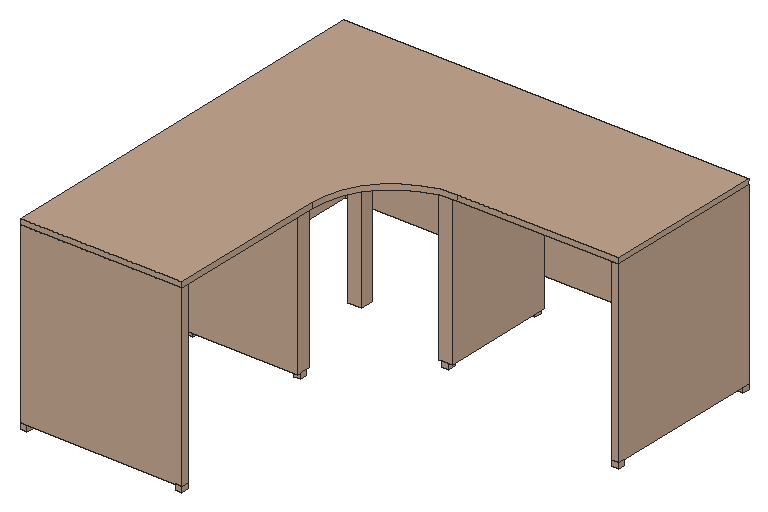
Revit family
Parameters (values of type "1500 x 600 mm")
  Width = 600 mm
  Table Material = wood
  Length = 1500 mm
  Height = 700 mm
Reference planes
  plane 1 "Center (Front/Back)": y = 0
  plane 2: z = 0
  plane 3 "Center (Left/Right)": x = 0
  plane 4: y = 300
  plane 5: y = -300
  plane 6: x = -300
  plane 7: x = 300
  plane 8: z = 700
  plane 9: x = 1200
  plane 10: y = -1200
Forms (mm)
  Extrusion 1, solid, material "wood" <- "Table Material"
    sketch origin (0, 0, 700) x (-1, 0, 0) y (0, -1, 0)
      loop
        line (300, -300) -> (300, 1200) -> (-300, 1200) -> (-300, 600)
        arc (-300, 600) -> (-387.868, 387.868) -> (-600, 300) r 300
        line (-600, 300) -> (-1200, 300) -> (-1200, -300) -> (300, -300)
    from 0 to -20
  Extrusion 2, solid, material "wood" <- "Table Material"
    sketch origin (0, 0, 0) x (1, 0, 0) y (0, 1, 0)
      loop
        line (-300, -1175) -> (-275, -1175) -> (-275, 275) -> (1175, 275) -> (1175, 300) -> (-300, 300) -> (-300, -1175)
    from 130 to 680
  Extrusion 3, solid, material "wood" <- "Table Material"
    sketch origin (0, 0, 0) x (1, 0, 0) y (0, 1, 0)
      loop
        line (-300, -1175) -> (-300, -1200) -> (-274.983, -1200) -> (-274.983, -1175) -> (-300, -1175)
      loop
        line (1175, 300) -> (1175, 275) -> (1200, 275) -> (1200, 300) -> (1175, 300)
      loop
        line (274.983, -1175) -> (274.983, -1200) -> (300, -1200) -> (300, -1175) -> (274.983, -1175)
      loop
        line (1175, -275) -> (1175, -300) -> (1200, -300) -> (1200, -275) -> (1175, -275)
    from 0 to 20
  Extrusion 4, solid, material "wood" <- "Table Material"
    sketch origin (0, 0, 0) x (1, 0, 0) y (0, 1, 0)
      loop
        line (-275, -425) -> (-275, -475) -> (150, -475) -> (150, -425) -> (-275, -425)
      loop
        line (462.5, 275) -> (412.5, 275) -> (412.5, -150) -> (462.5, -150) -> (462.5, 275)
    from 20 to 680
  Extrusion 5, solid, material "wood" <- "Table Material"
    sketch origin (0, 0, 0) x (1, 0, 0) y (0, 1, 0)
      loop
        line (124.983, -437.5) -> (124.983, -462.5) -> (150, -462.5) -> (150, -437.5) -> (124.983, -437.5)
      loop
        line (-249.983, -437.5) -> (-275, -437.5) -> (-275, -462.5) -> (-249.983, -462.5) -> (-249.983, -437.5)
    from 0 to 20
  Extrusion 6, solid, material "wood" <- "Table Material"
    sketch origin (0, 0, 0) x (1, 0, 0) y (0, 1, 0)
      loop
        line (425, -125) -> (425, -150) -> (450, -150) -> (450, -125) -> (425, -125)
      loop
        line (425, 275) -> (425, 250) -> (450, 250) -> (450, 275) -> (425, 275)
    from 0 to 20
  Extrusion 7, solid, material "wood" <- "Table Material"
    sketch origin (0, 0, 0) x (1, 0, 0) y (0, 1, 0)
      loop
        line (-25, 25) -> (-25, -25) -> (25, -25) -> (25, 25) -> (-25, 25)
    from 0 to 680
  Extrusion 8, solid, material "wood" <- "Table Material"
    sketch origin (0, 0, 0) x (1, 0, 0) y (0, 1, 0)
      loop
        line (-300, -1175) -> (-300, -1200) -> (300, -1200) -> (300, -1175) -> (-300, -1175)
    from 20 to 680
  Extrusion 9, solid, material "wood" <- "Table Material"
    sketch origin (0, 0, 0) x (1, 0, 0) y (0, 1, 0)
      loop
        line (1200, -300) -> (1200, 300) -> (1175, 300) -> (1175, -300) -> (1200, -300)
    from 20 to 680
Lines and regions (mm)
  Masking region 1
    outline origin (0, 0, 0) x (1, 0, 0) y (0, 1, 0)
      loop
        line (1200, 300) -> (-300, 300) -> (-300, -1200) -> (300, -1200) -> (300, -600)
        arc (300, -600) -> (387.868, -387.868) -> (600, -300) r 300
        line (600, -300) -> (1200, -300) -> (1200, 300)
  symbolic lines
    curve 1: line (-300, 300, 0) -> (-300, -1200, 0)
    curve 2: line (1200, 300, 0) -> (-300, 300, 0)
    curve 3: line (1200, -300, 0) -> (1200, 300, 0)
    curve 4: line (600, -300, 0) -> (1200, -300, 0)
    curve 5: arc (300, -600, 0) -> (387.868, -387.868, 0) -> (600, -300, 0) r 300
    curve 6: line (300, -1200, 0) -> (300, -600, 0)
    curve 7: line (-300, -1200, 0) -> (300, -1200, 0)
Dimensions and locks
  equal spacing: plane 6, plane 3 "Center (Left/Right)", plane 7
  "Width": plane 6 to plane 7
  equal spacing: plane 5, plane 1 "Center (Front/Back)", plane 4
  "Width": plane 5 to plane 4
  "Length": plane 6 to plane 9
  "Length": plane 10 to plane 4
  "Height": plane 8 to level
  aligned and locked: plane 6 to Extrusion 1 sketch curve
  aligned and locked: Extrusion 1 sketch curve to plane 9
  aligned and locked: Extrusion 1 sketch curve to plane 4
  aligned and locked: Extrusion 4 to Extrusion 1
  aligned and locked: Extrusion 2 to Extrusion 3  (x2)
  aligned and locked: Extrusion 3 to Extrusion 2
  aligned and locked: Extrusion 7 to Extrusion 1
  aligned and locked: Extrusion 2 to Extrusion 8 sketch curve
  aligned and locked: Extrusion 8 sketch curve to Extrusion 3
  aligned and locked: Extrusion 1 to Extrusion 8 sketch curve
  aligned and locked: Extrusion 8 sketch curve to Extrusion 1
  aligned and locked: Extrusion 8 to Extrusion 1
  aligned and locked: Extrusion 8 to Extrusion 3
  aligned and locked: Extrusion 2 to Extrusion 1
  aligned and locked: Extrusion 9 sketch curve to Extrusion 1  (x2)
  aligned and locked: Extrusion 9 sketch curve to Extrusion 2  (x2)
  aligned and locked: Extrusion 9 to Extrusion 1
  aligned and locked: Extrusion 9 to Extrusion 3
  aligned and locked: curve 1 to Extrusion 1
  aligned and locked: curve 2 to Extrusion 1
  aligned and locked: curve 3 to Extrusion 1
  aligned and locked: curve 5 to Extrusion 1
  aligned and locked: curve 7 to Extrusion 1
  aligned and locked: Masking region 1 sketch curve to curve 2
  aligned and locked: Masking region 1 sketch curve to Extrusion 1  (x5)
Automatic sketch dimensions
  Extrusion 1 sketch curve to plane 7 = 0 mm
  Extrusion 1 sketch curve to plane 10 = 0 mm
  Extrusion 1 sketch curve to plane 5 = 0 mm
  plane 5 to Extrusion 1 sketch curve = 300 mm
  Extrusion 2 sketch curve to plane 4 = 0 mm
  Extrusion 2 sketch curve to plane 6 = 0 mm
  plane 6 to Extrusion 2 sketch curve = 25 mm
  Extrusion 2 sketch curve to plane 9 = 25 mm
  Extrusion 2 sketch curve to Extrusion 2 sketch curve = 25 mm
  plane 10 to Extrusion 2 sketch curve = 25 mm
  Extrusion 3 sketch curve to plane 6 = 0 mm
  Extrusion 3 sketch curve to plane 10 = 0 mm  (x2)
  Extrusion 3 sketch curve to plane 7 = 0 mm
  Extrusion 3 sketch curve to plane 4 = 0 mm
  Extrusion 3 sketch curve to plane 5 = 0 mm
  Extrusion 3 sketch curve to plane 9 = 0 mm  (x2)
  Extrusion 3 sketch curve to Extrusion 3 sketch curve = 25.017 mm
  Extrusion 3 sketch curve to plane 7 = 25.017 mm
  Extrusion 3 sketch curve to plane 9 = 25 mm  (x2)
  plane 10 to Extrusion 3 sketch curve = 25 mm  (x2)
  Extrusion 3 sketch curve to plane 5 = 25 mm
  Extrusion 3 sketch curve to Extrusion 3 sketch curve = 25 mm
  plane 6 to Extrusion 4 sketch curve = 25 mm
  plane 3 "Center (Left/Right)" to Extrusion 4 sketch curve = 150 mm
  plane 7 to Extrusion 4 sketch curve = 112.5 mm
  Extrusion 4 sketch curve to Extrusion 4 sketch curve = 50 mm  (x2)
  plane 5 to Extrusion 4 sketch curve = 175 mm
  plane 1 "Center (Front/Back)" to Extrusion 4 sketch curve = 150 mm
  plane 4 to Extrusion 4 sketch curve = 25 mm
  plane 6 to Extrusion 5 sketch curve = 25 mm
  Extrusion 5 sketch curve to Extrusion 5 sketch curve = 25.017 mm  (x2)
  plane 3 "Center (Left/Right)" to Extrusion 5 sketch curve = 124.983 mm
  plane 5 to Extrusion 5 sketch curve = 162.5 mm  (x2)
  Extrusion 5 sketch curve to Extrusion 5 sketch curve = 25 mm  (x2)
  plane 4 to Extrusion 6 sketch curve = 25 mm
  plane 7 to Extrusion 6 sketch curve = 125 mm  (x2)
  Extrusion 6 sketch curve to Extrusion 6 sketch curve = 25 mm  (x4)
  plane 1 "Center (Front/Back)" to Extrusion 6 sketch curve = 125 mm
  Extrusion 7 sketch curve to plane 3 "Center (Left/Right)" = 25 mm
  Extrusion 7 sketch curve to plane 1 "Center (Front/Back)" = 25 mm
  plane 3 "Center (Left/Right)" to Extrusion 7 sketch curve = 25 mm
  plane 1 "Center (Front/Back)" to Extrusion 7 sketch curve = 25 mm
